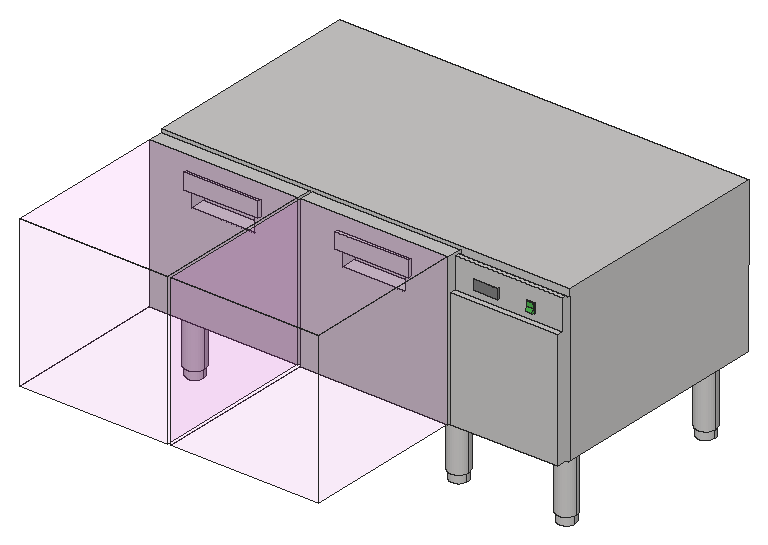
Revit family "QF_ELECTROLUXPROFESSIONAL_371374_E7TTEPCOMIN", category Specialty Equipment, Revit 2018
Family settings
  Round Connector Dimension = Use Diameter
  Part Type = Normal
  Work Plane-Based = No
  Always vertical = Yes
  Cut with Voids When Loaded = No
  Shared = No
  Room Calculation Point = No
Parameters (values of type "Standard")
  Weight = 95.00 kg
  Watts = 0 W
  Volts = 220 V
  URL Manufacturer = "http://professional.electrolux.com"
  URL = "http://professional.electrolux.com"
  Steam Supply Size = 0 mm
  Steam Supply Minimum Pressure = 0.0 Pa
  Steam Supply Maximum Pressure = 0.0 Pa
  Steam Pounds per Hour = 0
  Refrigeration Suction Line Size = 0 mm
  Refrigeration Liquid Line Size = 0 mm
  Refrigerant Compressor Remote = yes
  Manufacturer = "Electrolux Professional"
  Phase = 1
  Model = "E7TTEPCOMIN"
  Length Actual = 1200 mm  # constant formula
  Item Number = "371374"
  Hot Water Size = 0 mm
  Height Actual = 600 mm  # constant formula
  HP = "0.6 HP"
  Gas Size = 0 mm
  Gas KW = 0
  Gas Input Pressure = 0 W
  Direct Waste Size = 12.7 mm
  Description = "FREEZER BASE+2DRAWERS -15-20°C 1200MM-60HZ - R290"
  Depth Actual = 700 mm  # constant formula
  Cycle = 60 Hz
  Condensate Return Size = 0 mm
  Compressed Air Volume = 0.0 L/s
  Compressed Air Size = 0 mm
  Compressed Air Pressure = 0.0 Pa
  Cold Water Size = 0 mm
  Accessory = yes
Values of the unnamed type that differ from the named types
  Volts = 0 V
  URL Manufacturer = ""
  Item Number = ""
  Cycle = 0 Hz
Reference planes
  plane 1 "Center X": y = 0
  plane 2: z = 0
  plane 3 "Centro (Sinistra/Destra)": x = 0
  plane 4: z = 200
  plane 5 "TOP": z = 650
  plane 6 "BACK": y = 350
  plane 7 "FRONT": y = -350
  plane 8 "LEFT": x = -600
  plane 9 "RIGHT": x = 600
  plane 10: y = -303
  plane 11: y = -348
  plane 12: x = -545
  plane 13: x = 545
  plane 14: x = 229
  plane 15: y = 262
  plane 16: y = -249
  plane 17: x = 286
  plane 18: x = -599
  plane 19: x = 599
  plane 20: y = 190
  plane 21: x = 560
Forms (mm)
  Extrusion 1, solid, material "QF_Finishes_Stainless Steel"
    sketch origin (0, 0, 650) x (-1, 0, 0) y (0, -1, 0)
      loop
        line (599, -350) -> (599, 303) -> (-599, 303) -> (-599, -350) -> (599, -350)
    from -450 to 0
  Extrusion 2, solid, material "QF_Finishes_Stainless Steel"
    sketch origin (196, -342.999, 0) x (-1, 0, 0) y (0, 0, 1)
      loop
        line (795, 201.587) -> (795, 640.994) -> (360.999, 640.994) -> (360.999, 201.587) -> (795, 201.587)
      loop
        line (671.3, 506.706) -> (671.3, 585) -> (484.699, 585) -> (484.699, 506.706) -> (671.3, 506.706)
    from -5.001 to 39.999
  Extrusion 3, solid, material "QF_Door-Drawer Clearances"
    sketch origin (196, -348, 0) x (1, 0, 0) y (0, 0, 1)
      loop
        line (-795, 640.994) -> (-795, 201.587) -> (-360.999, 201.587) -> (-360.999, 640.994) -> (-795, 640.994)
    from 0 to 473.5
  Extrusion 4, solid, material "QF_Finishes_Stainless Steel"
    sketch origin (599, 66.551, 0) x (0, 1, 0) y (0, 0, 1)
      loop
        line (-369.551, 629.527) -> (-386.314, 640.994) -> (-397.65, 640.994) -> (-397.65, 549.796) -> (-414.551, 549.796) -> (-414.551, 204.796) -> (-384.714, 204.796) -> (-374.993, 200) -> (-369.551, 200) -> (-369.551, 629.527)
    from 0 to -313
  Extrusion 5, solid, material "QF_Finishes_Black"
    sketch origin (583, -331.099, 630.994) x (0, 0, -1) y (1, 0, 0)
      loop
        line (32.198, -86.899) -> (61.199, -86.899) -> (61.199, -64.9) -> (32.198, -64.9) -> (32.198, -86.899)
    from 0 to 1.6
  Extrusion 6, solid, material "QF_Finishes_Grey"
    sketch origin (589, -331.099, 630.994) x (0, 0, -1) y (1, 0, 0)
      loop
        line (32.198, -248.099) -> (61.199, -248.099) -> (61.199, -178.099) -> (32.198, -178.099) -> (32.198, -248.099)
    from 0 to 1.6
  Extrusion 7, solid, material "QF_Finishes_Green"
    sketch origin (518.1, -331.099, 598.796) x (0, 0, -1) y (0, 1, 0)
      loop
        line (2.279, -3.281) -> (14.5, -3.281) -> (25.308, -8.985)
        arc (25.308, -8.985) -> (26.537, -5.394) -> (26.605, -1.6) r 12.221
        line (26.605, -1.6) -> (2.395, -1.6)
        arc (2.395, -1.6) -> (2.308, -2.439) -> (2.279, -3.281) r 12.221
    from -20 to -2
  Extrusion 8, solid, material "QF_Door-Drawer Clearances"
    sketch origin (638.501, -342.999, 0) x (1, 0, 0) y (0, 0, 1)
      loop
        line (-795, 640.994) -> (-795, 201.587) -> (-360.999, 201.587) -> (-360.999, 640.994) -> (-795, 640.994)
    from 5.001 to 478.501
  Extrusion 9, solid, material "QF_Finishes_Stainless Steel"
    sketch origin (196, -348, 0) x (1, 0, 0) y (0, 0, 1)
      loop
        line (-686.3, 598.969) -> (-686.3, 553.969) -> (-469.699, 553.969) -> (-469.699, 598.969) -> (-686.3, 598.969)
    from 0 to 10
  Extrusion 10, solid, material "QF_Finishes_Stainless Steel"
    sketch origin (638.501, -342.999, 0) x (-1, 0, 0) y (0, 0, 1)
      loop
        line (795, 201.587) -> (795, 640.994) -> (360.999, 640.994) -> (360.999, 201.587) -> (795, 201.587)
      loop
        line (671.3, 506.706) -> (671.3, 585) -> (484.699, 585) -> (484.699, 506.706) -> (671.3, 506.706)
    from -5.001 to 39.999
  Extrusion 11, solid, material "QF_Finishes_Stainless Steel"
    sketch origin (638.501, -348, 0) x (1, 0, 0) y (0, 0, 1)
      loop
        line (-686.3, 598.969) -> (-686.3, 553.969) -> (-469.699, 553.969) -> (-469.699, 598.969) -> (-686.3, 598.969)
    from 0 to 10
  Extrusion 12, solid, material "QF_Finishes_Stainless Steel"
    sketch origin (0, 0, 0) x (1, 0, 0) y (0, 1, 0)
      loop
        circle (560, 190) r 6
    from 189.987 to 200
Lines and regions (mm)
  Split face 1
    outline origin (589, -332.699, 630.994) x (0, 0, -1) y (1, 0, 0)
      loop
        line (37.198, -238.099) -> (52.198, -238.099) -> (52.198, -188.099) -> (37.198, -188.099) -> (37.198, -238.099)
  Split face 2
    outline origin (589, -332.699, 630.994) x (0, 0, -1) y (1, 0, 0)
      loop
        circle (44.698, -185.099) r 1.2
  Split face 3
    outline origin (589, -332.699, 630.994) x (0, 0, -1) y (1, 0, 0)
      loop
        circle (39.698, -185.099) r 1.2
  Split face 4
    outline origin (589, -332.699, 630.994) x (0, 0, -1) y (1, 0, 0)
      loop
        circle (49.698, -185.099) r 1.2
  Split face 5
    outline origin (589, -332.699, 630.994) x (0, 0, -1) y (1, 0, 0)
      loop
        circle (39.698, -241.099) r 1.2
  Split face 6
    outline origin (589, -332.699, 630.994) x (0, 0, -1) y (1, 0, 0)
      loop
        circle (44.698, -241.099) r 1.2
  Split face 7
    outline origin (589, -332.699, 630.994) x (0, 0, -1) y (1, 0, 0)
      loop
        circle (49.698, -241.099) r 1.2
  Split face 8
    outline origin (589, -332.699, 630.994) x (0, 0, -1) y (1, 0, 0)
      loop
        line (59.151, -238.099) -> (59.151, -227.099) -> (54.151, -227.099) -> (54.151, -238.099) -> (59.151, -238.099)
  Split face 9
    outline origin (589, -332.699, 630.994) x (0, 0, -1) y (1, 0, 0)
      loop
        line (54.151, -225.099) -> (59.151, -225.099) -> (59.151, -214.099) -> (54.151, -214.099) -> (54.151, -225.099)
  Split face 10
    outline origin (602, -332.699, 630.994) x (0, 0, -1) y (1, 0, 0)
      loop
        line (54.151, -225.099) -> (59.151, -225.099) -> (59.151, -214.099) -> (54.151, -214.099) -> (54.151, -225.099)
  Split face 11
    outline origin (615, -332.699, 630.994) x (0, 0, -1) y (1, 0, 0)
      loop
        line (54.151, -225.099) -> (59.151, -225.099) -> (59.151, -214.099) -> (54.151, -214.099) -> (54.151, -225.099)
  Split face 12
    outline origin (601.5, -348, 412.291) x (0, 0, -1) y (1, 0, 0)
      loop
        arc (-85.025, -282.599) -> (-81.004, -278.61) -> (-85.004, -274.599) r 4
        line (-85.004, -274.599) -> (-117.004, -274.599)
        arc (-117.004, -274.599) -> (-121.004, -278.61) -> (-116.984, -282.599) r 4
        line (-116.984, -282.599) -> (-85.025, -282.599)
  Split face 13
    outline origin (613.5, -348, 412.291) x (0, 0, -1) y (1, 0, 0)
      loop
        arc (-85.025, -282.599) -> (-81.004, -278.61) -> (-85.004, -274.599) r 4
        line (-85.004, -274.599) -> (-117.004, -274.599)
        arc (-117.004, -274.599) -> (-121.004, -278.61) -> (-116.984, -282.599) r 4
        line (-116.984, -282.599) -> (-85.025, -282.599)
  Split face 14
    outline origin (625.5, -348, 412.291) x (0, 0, -1) y (1, 0, 0)
      loop
        arc (-85.025, -282.599) -> (-81.004, -278.61) -> (-85.004, -274.599) r 4
        line (-85.004, -274.599) -> (-117.004, -274.599)
        arc (-117.004, -274.599) -> (-121.004, -278.61) -> (-116.984, -282.599) r 4
        line (-116.984, -282.599) -> (-85.025, -282.599)
  Split face 15
    outline origin (637.397, -348, 412.291) x (0, 0, -1) y (1, 0, 0)
      loop
        arc (-85.025, -282.599) -> (-81.004, -278.61) -> (-85.004, -274.599) r 4
        line (-85.004, -274.599) -> (-117.004, -274.599)
        arc (-117.004, -274.599) -> (-121.004, -278.61) -> (-116.984, -282.599) r 4
        line (-116.984, -282.599) -> (-85.025, -282.599)
  Split face 16
    outline origin (649.396, -348, 412.291) x (0, 0, -1) y (1, 0, 0)
      loop
        arc (-85.025, -282.599) -> (-81.004, -278.61) -> (-85.004, -274.599) r 4
        line (-85.004, -274.599) -> (-117.004, -274.599)
        arc (-117.004, -274.599) -> (-121.004, -278.61) -> (-116.984, -282.599) r 4
        line (-116.984, -282.599) -> (-85.025, -282.599)
  Split face 17
    outline origin (661.396, -348, 412.291) x (0, 0, -1) y (1, 0, 0)
      loop
        arc (-85.025, -282.599) -> (-81.004, -278.61) -> (-85.004, -274.599) r 4
        line (-85.004, -274.599) -> (-117.004, -274.599)
        arc (-117.004, -274.599) -> (-121.004, -278.61) -> (-116.984, -282.599) r 4
        line (-116.984, -282.599) -> (-85.025, -282.599)
  Split face 18
    outline origin (673.396, -348, 412.291) x (0, 0, -1) y (1, 0, 0)
      loop
        arc (-85.025, -282.599) -> (-81.004, -278.61) -> (-85.004, -274.599) r 4
        line (-85.004, -274.599) -> (-117.004, -274.599)
        arc (-117.004, -274.599) -> (-121.004, -278.61) -> (-116.984, -282.599) r 4
        line (-116.984, -282.599) -> (-85.025, -282.599)
  Split face 19
    outline origin (685.397, -348, 412.291) x (0, 0, -1) y (1, 0, 0)
      loop
        arc (-85.025, -282.599) -> (-81.004, -278.61) -> (-85.004, -274.599) r 4
        line (-85.004, -274.599) -> (-117.004, -274.599)
        arc (-117.004, -274.599) -> (-121.004, -278.61) -> (-116.984, -282.599) r 4
        line (-116.984, -282.599) -> (-85.025, -282.599)
  Split face 20
    outline origin (697.396, -348, 412.291) x (0, 0, -1) y (1, 0, 0)
      loop
        arc (-85.025, -282.599) -> (-81.004, -278.61) -> (-85.004, -274.599) r 4
        line (-85.004, -274.599) -> (-117.004, -274.599)
        arc (-117.004, -274.599) -> (-121.004, -278.61) -> (-116.984, -282.599) r 4
        line (-116.984, -282.599) -> (-85.025, -282.599)
  Split face 21
    outline origin (704.396, -348, 412.291) x (0, 0, -1) y (1, 0, 0)
      loop
        arc (-85.025, -242.399) -> (-81.004, -238.41) -> (-85.004, -234.4) r 4
        line (-85.004, -234.4) -> (-117.004, -234.4)
        arc (-117.004, -234.4) -> (-121.004, -238.41) -> (-116.984, -242.399) r 4
        line (-116.984, -242.399) -> (-85.025, -242.399)
  Split face 22
    outline origin (716.396, -348, 412.291) x (0, 0, -1) y (1, 0, 0)
      loop
        arc (-85.025, -242.399) -> (-81.004, -238.41) -> (-85.004, -234.4) r 4
        line (-85.004, -234.4) -> (-117.004, -234.4)
        arc (-117.004, -234.4) -> (-121.004, -238.41) -> (-116.984, -242.399) r 4
        line (-116.984, -242.399) -> (-85.025, -242.399)
  Split face 23
    outline origin (728.396, -348, 412.291) x (0, 0, -1) y (1, 0, 0)
      loop
        arc (-85.025, -242.399) -> (-81.004, -238.41) -> (-85.004, -234.4) r 4
        line (-85.004, -234.4) -> (-117.004, -234.4)
        arc (-117.004, -234.4) -> (-121.004, -238.41) -> (-116.984, -242.399) r 4
        line (-116.984, -242.399) -> (-85.025, -242.399)
  Split face 24
    outline origin (740.396, -348, 412.291) x (0, 0, -1) y (1, 0, 0)
      loop
        arc (-85.025, -242.399) -> (-81.004, -238.41) -> (-85.004, -234.4) r 4
        line (-85.004, -234.4) -> (-117.004, -234.4)
        arc (-117.004, -234.4) -> (-121.004, -238.41) -> (-116.984, -242.399) r 4
        line (-116.984, -242.399) -> (-85.025, -242.399)
  Split face 25
    outline origin (752.396, -348, 412.291) x (0, 0, -1) y (1, 0, 0)
      loop
        arc (-85.025, -242.399) -> (-81.004, -238.41) -> (-85.004, -234.4) r 4
        line (-85.004, -234.4) -> (-117.004, -234.4)
        arc (-117.004, -234.4) -> (-121.004, -238.41) -> (-116.984, -242.399) r 4
        line (-116.984, -242.399) -> (-85.025, -242.399)
  Split face 26
    outline origin (764.396, -348, 412.291) x (0, 0, -1) y (1, 0, 0)
      loop
        arc (-85.025, -242.399) -> (-81.004, -238.41) -> (-85.004, -234.4) r 4
        line (-85.004, -234.4) -> (-117.004, -234.4)
        arc (-117.004, -234.4) -> (-121.004, -238.41) -> (-116.984, -242.399) r 4
        line (-116.984, -242.399) -> (-85.025, -242.399)
  Split face 27
    outline origin (776.396, -348, 412.291) x (0, 0, -1) y (1, 0, 0)
      loop
        arc (-85.025, -242.399) -> (-81.004, -238.41) -> (-85.004, -234.4) r 4
        line (-85.004, -234.4) -> (-117.004, -234.4)
        arc (-117.004, -234.4) -> (-121.004, -238.41) -> (-116.984, -242.399) r 4
        line (-116.984, -242.399) -> (-85.025, -242.399)
  Split face 28
    outline origin (788.396, -348, 412.291) x (0, 0, -1) y (1, 0, 0)
      loop
        arc (-85.025, -242.399) -> (-81.004, -238.41) -> (-85.004, -234.4) r 4
        line (-85.004, -234.4) -> (-117.004, -234.4)
        arc (-117.004, -234.4) -> (-121.004, -238.41) -> (-116.984, -242.399) r 4
        line (-116.984, -242.399) -> (-85.025, -242.399)
  Split face 29
    outline origin (800.396, -348, 412.291) x (0, 0, -1) y (1, 0, 0)
      loop
        arc (-85.025, -242.399) -> (-81.004, -238.41) -> (-85.004, -234.4) r 4
        line (-85.004, -234.4) -> (-117.004, -234.4)
        arc (-117.004, -234.4) -> (-121.004, -238.41) -> (-116.984, -242.399) r 4
        line (-116.984, -242.399) -> (-85.025, -242.399)
  Split face 30
    outline origin (812.396, -348, 412.291) x (0, 0, -1) y (1, 0, 0)
      loop
        arc (-85.025, -242.399) -> (-81.004, -238.41) -> (-85.004, -234.4) r 4
        line (-85.004, -234.4) -> (-117.004, -234.4)
        arc (-117.004, -234.4) -> (-121.004, -238.41) -> (-116.984, -242.399) r 4
        line (-116.984, -242.399) -> (-85.025, -242.399)
  Split face 31
    outline origin (589.5, -348, 412.291) x (0, 0, -1) y (1, 0, 0)
      loop
        arc (-85.025, -282.599) -> (-81.004, -278.61) -> (-85.004, -274.599) r 4
        line (-85.004, -274.599) -> (-117.004, -274.599)
        arc (-117.004, -274.599) -> (-121.004, -278.61) -> (-116.984, -282.599) r 4
        line (-116.984, -282.599) -> (-85.025, -282.599)
  Split face 32
    outline origin (601.5, -348, 367.29) x (0, 0, -1) y (1, 0, 0)
      loop
        arc (-85.025, -282.599) -> (-81.004, -278.61) -> (-85.004, -274.599) r 4
        line (-85.004, -274.599) -> (-117.004, -274.599)
        arc (-117.004, -274.599) -> (-121.004, -278.61) -> (-116.984, -282.599) r 4
        line (-116.984, -282.599) -> (-85.025, -282.599)
  Split face 33
    outline origin (613.5, -348, 367.29) x (0, 0, -1) y (1, 0, 0)
      loop
        arc (-85.025, -282.599) -> (-81.004, -278.61) -> (-85.004, -274.599) r 4
        line (-85.004, -274.599) -> (-117.004, -274.599)
        arc (-117.004, -274.599) -> (-121.004, -278.61) -> (-116.984, -282.599) r 4
        line (-116.984, -282.599) -> (-85.025, -282.599)
  Split face 34
    outline origin (625.5, -348, 367.29) x (0, 0, -1) y (1, 0, 0)
      loop
        arc (-85.025, -282.599) -> (-81.004, -278.61) -> (-85.004, -274.599) r 4
        line (-85.004, -274.599) -> (-117.004, -274.599)
        arc (-117.004, -274.599) -> (-121.004, -278.61) -> (-116.984, -282.599) r 4
        line (-116.984, -282.599) -> (-85.025, -282.599)
  Split face 35
    outline origin (637.397, -348, 367.29) x (0, 0, -1) y (1, 0, 0)
      loop
        arc (-85.025, -282.599) -> (-81.004, -278.61) -> (-85.004, -274.599) r 4
        line (-85.004, -274.599) -> (-117.004, -274.599)
        arc (-117.004, -274.599) -> (-121.004, -278.61) -> (-116.984, -282.599) r 4
        line (-116.984, -282.599) -> (-85.025, -282.599)
  Split face 36
    outline origin (649.396, -348, 367.29) x (0, 0, -1) y (1, 0, 0)
      loop
        arc (-85.025, -282.599) -> (-81.004, -278.61) -> (-85.004, -274.599) r 4
        line (-85.004, -274.599) -> (-117.004, -274.599)
        arc (-117.004, -274.599) -> (-121.004, -278.61) -> (-116.984, -282.599) r 4
        line (-116.984, -282.599) -> (-85.025, -282.599)
  Split face 37
    outline origin (661.396, -348, 367.29) x (0, 0, -1) y (1, 0, 0)
      loop
        arc (-85.025, -282.599) -> (-81.004, -278.61) -> (-85.004, -274.599) r 4
        line (-85.004, -274.599) -> (-117.004, -274.599)
        arc (-117.004, -274.599) -> (-121.004, -278.61) -> (-116.984, -282.599) r 4
        line (-116.984, -282.599) -> (-85.025, -282.599)
  Split face 38
    outline origin (673.396, -348, 367.29) x (0, 0, -1) y (1, 0, 0)
      loop
        arc (-85.025, -282.599) -> (-81.004, -278.61) -> (-85.004, -274.599) r 4
        line (-85.004, -274.599) -> (-117.004, -274.599)
        arc (-117.004, -274.599) -> (-121.004, -278.61) -> (-116.984, -282.599) r 4
        line (-116.984, -282.599) -> (-85.025, -282.599)
  Split face 39
    outline origin (685.397, -348, 367.29) x (0, 0, -1) y (1, 0, 0)
      loop
        arc (-85.025, -282.599) -> (-81.004, -278.61) -> (-85.004, -274.599) r 4
        line (-85.004, -274.599) -> (-117.004, -274.599)
        arc (-117.004, -274.599) -> (-121.004, -278.61) -> (-116.984, -282.599) r 4
        line (-116.984, -282.599) -> (-85.025, -282.599)
  Split face 40
    outline origin (697.396, -348, 367.29) x (0, 0, -1) y (1, 0, 0)
      loop
        arc (-85.025, -282.599) -> (-81.004, -278.61) -> (-85.004, -274.599) r 4
        line (-85.004, -274.599) -> (-117.004, -274.599)
        arc (-117.004, -274.599) -> (-121.004, -278.61) -> (-116.984, -282.599) r 4
        line (-116.984, -282.599) -> (-85.025, -282.599)
  Split face 41
    outline origin (704.396, -348, 367.29) x (0, 0, -1) y (1, 0, 0)
      loop
        arc (-85.025, -242.399) -> (-81.004, -238.41) -> (-85.004, -234.4) r 4
        line (-85.004, -234.4) -> (-117.004, -234.4)
        arc (-117.004, -234.4) -> (-121.004, -238.41) -> (-116.984, -242.399) r 4
        line (-116.984, -242.399) -> (-85.025, -242.399)
  Split face 42
    outline origin (716.396, -348, 367.29) x (0, 0, -1) y (1, 0, 0)
      loop
        arc (-85.025, -242.399) -> (-81.004, -238.41) -> (-85.004, -234.4) r 4
        line (-85.004, -234.4) -> (-117.004, -234.4)
        arc (-117.004, -234.4) -> (-121.004, -238.41) -> (-116.984, -242.399) r 4
        line (-116.984, -242.399) -> (-85.025, -242.399)
  Split face 43
    outline origin (728.396, -348, 367.29) x (0, 0, -1) y (1, 0, 0)
      loop
        arc (-85.025, -242.399) -> (-81.004, -238.41) -> (-85.004, -234.4) r 4
        line (-85.004, -234.4) -> (-117.004, -234.4)
        arc (-117.004, -234.4) -> (-121.004, -238.41) -> (-116.984, -242.399) r 4
        line (-116.984, -242.399) -> (-85.025, -242.399)
  Split face 44
    outline origin (740.396, -348, 367.29) x (0, 0, -1) y (1, 0, 0)
      loop
        arc (-85.025, -242.399) -> (-81.004, -238.41) -> (-85.004, -234.4) r 4
        line (-85.004, -234.4) -> (-117.004, -234.4)
        arc (-117.004, -234.4) -> (-121.004, -238.41) -> (-116.984, -242.399) r 4
        line (-116.984, -242.399) -> (-85.025, -242.399)
  Split face 45
    outline origin (752.396, -348, 367.29) x (0, 0, -1) y (1, 0, 0)
      loop
        arc (-85.025, -242.399) -> (-81.004, -238.41) -> (-85.004, -234.4) r 4
        line (-85.004, -234.4) -> (-117.004, -234.4)
        arc (-117.004, -234.4) -> (-121.004, -238.41) -> (-116.984, -242.399) r 4
        line (-116.984, -242.399) -> (-85.025, -242.399)
  Split face 46
    outline origin (764.396, -348, 367.29) x (0, 0, -1) y (1, 0, 0)
      loop
        arc (-85.025, -242.399) -> (-81.004, -238.41) -> (-85.004, -234.4) r 4
        line (-85.004, -234.4) -> (-117.004, -234.4)
        arc (-117.004, -234.4) -> (-121.004, -238.41) -> (-116.984, -242.399) r 4
        line (-116.984, -242.399) -> (-85.025, -242.399)
  Split face 47
    outline origin (776.396, -348, 367.29) x (0, 0, -1) y (1, 0, 0)
      loop
        arc (-85.025, -242.399) -> (-81.004, -238.41) -> (-85.004, -234.4) r 4
        line (-85.004, -234.4) -> (-117.004, -234.4)
        arc (-117.004, -234.4) -> (-121.004, -238.41) -> (-116.984, -242.399) r 4
        line (-116.984, -242.399) -> (-85.025, -242.399)
  Split face 48
    outline origin (788.396, -348, 367.29) x (0, 0, -1) y (1, 0, 0)
      loop
        arc (-85.025, -242.399) -> (-81.004, -238.41) -> (-85.004, -234.4) r 4
        line (-85.004, -234.4) -> (-117.004, -234.4)
        arc (-117.004, -234.4) -> (-121.004, -238.41) -> (-116.984, -242.399) r 4
        line (-116.984, -242.399) -> (-85.025, -242.399)
  Split face 49
    outline origin (800.396, -348, 367.29) x (0, 0, -1) y (1, 0, 0)
      loop
        arc (-85.025, -242.399) -> (-81.004, -238.41) -> (-85.004, -234.4) r 4
        line (-85.004, -234.4) -> (-117.004, -234.4)
        arc (-117.004, -234.4) -> (-121.004, -238.41) -> (-116.984, -242.399) r 4
        line (-116.984, -242.399) -> (-85.025, -242.399)
  Split face 50
    outline origin (812.396, -348, 367.29) x (0, 0, -1) y (1, 0, 0)
      loop
        arc (-85.025, -242.399) -> (-81.004, -238.41) -> (-85.004, -234.4) r 4
        line (-85.004, -234.4) -> (-117.004, -234.4)
        arc (-117.004, -234.4) -> (-121.004, -238.41) -> (-116.984, -242.399) r 4
        line (-116.984, -242.399) -> (-85.025, -242.399)
  Split face 51
    outline origin (589.5, -348, 367.29) x (0, 0, -1) y (1, 0, 0)
      loop
        arc (-85.025, -282.599) -> (-81.004, -278.61) -> (-85.004, -274.599) r 4
        line (-85.004, -274.599) -> (-117.004, -274.599)
        arc (-117.004, -274.599) -> (-121.004, -278.61) -> (-116.984, -282.599) r 4
        line (-116.984, -282.599) -> (-85.025, -282.599)
  Split face 52
    outline origin (601.5, -348, 322.29) x (0, 0, -1) y (1, 0, 0)
      loop
        arc (-85.025, -282.599) -> (-81.004, -278.61) -> (-85.004, -274.599) r 4
        line (-85.004, -274.599) -> (-117.004, -274.599)
        arc (-117.004, -274.599) -> (-121.004, -278.61) -> (-116.984, -282.599) r 4
        line (-116.984, -282.599) -> (-85.025, -282.599)
  Split face 53
    outline origin (613.5, -348, 322.29) x (0, 0, -1) y (1, 0, 0)
      loop
        arc (-85.025, -282.599) -> (-81.004, -278.61) -> (-85.004, -274.599) r 4
        line (-85.004, -274.599) -> (-117.004, -274.599)
        arc (-117.004, -274.599) -> (-121.004, -278.61) -> (-116.984, -282.599) r 4
        line (-116.984, -282.599) -> (-85.025, -282.599)
  Split face 54
    outline origin (625.5, -348, 322.29) x (0, 0, -1) y (1, 0, 0)
      loop
        arc (-85.025, -282.599) -> (-81.004, -278.61) -> (-85.004, -274.599) r 4
        line (-85.004, -274.599) -> (-117.004, -274.599)
        arc (-117.004, -274.599) -> (-121.004, -278.61) -> (-116.984, -282.599) r 4
        line (-116.984, -282.599) -> (-85.025, -282.599)
  Split face 55
    outline origin (637.397, -348, 322.29) x (0, 0, -1) y (1, 0, 0)
      loop
        arc (-85.025, -282.599) -> (-81.004, -278.61) -> (-85.004, -274.599) r 4
        line (-85.004, -274.599) -> (-117.004, -274.599)
        arc (-117.004, -274.599) -> (-121.004, -278.61) -> (-116.984, -282.599) r 4
        line (-116.984, -282.599) -> (-85.025, -282.599)
  Split face 56
    outline origin (649.396, -348, 322.29) x (0, 0, -1) y (1, 0, 0)
      loop
        arc (-85.025, -282.599) -> (-81.004, -278.61) -> (-85.004, -274.599) r 4
        line (-85.004, -274.599) -> (-117.004, -274.599)
        arc (-117.004, -274.599) -> (-121.004, -278.61) -> (-116.984, -282.599) r 4
        line (-116.984, -282.599) -> (-85.025, -282.599)
  Split face 57
    outline origin (661.396, -348, 322.29) x (0, 0, -1) y (1, 0, 0)
      loop
        arc (-85.025, -282.599) -> (-81.004, -278.61) -> (-85.004, -274.599) r 4
        line (-85.004, -274.599) -> (-117.004, -274.599)
        arc (-117.004, -274.599) -> (-121.004, -278.61) -> (-116.984, -282.599) r 4
        line (-116.984, -282.599) -> (-85.025, -282.599)
  Split face 58
    outline origin (673.396, -348, 322.29) x (0, 0, -1) y (1, 0, 0)
      loop
        arc (-85.025, -282.599) -> (-81.004, -278.61) -> (-85.004, -274.599) r 4
        line (-85.004, -274.599) -> (-117.004, -274.599)
        arc (-117.004, -274.599) -> (-121.004, -278.61) -> (-116.984, -282.599) r 4
        line (-116.984, -282.599) -> (-85.025, -282.599)
  Split face 59
    outline origin (685.397, -348, 322.29) x (0, 0, -1) y (1, 0, 0)
      loop
        arc (-85.025, -282.599) -> (-81.004, -278.61) -> (-85.004, -274.599) r 4
        line (-85.004, -274.599) -> (-117.004, -274.599)
        arc (-117.004, -274.599) -> (-121.004, -278.61) -> (-116.984, -282.599) r 4
        line (-116.984, -282.599) -> (-85.025, -282.599)
  Split face 60
    outline origin (697.396, -348, 322.29) x (0, 0, -1) y (1, 0, 0)
      loop
        arc (-85.025, -282.599) -> (-81.004, -278.61) -> (-85.004, -274.599) r 4
        line (-85.004, -274.599) -> (-117.004, -274.599)
        arc (-117.004, -274.599) -> (-121.004, -278.61) -> (-116.984, -282.599) r 4
        line (-116.984, -282.599) -> (-85.025, -282.599)
  Split face 61
    outline origin (704.396, -348, 322.29) x (0, 0, -1) y (1, 0, 0)
      loop
        arc (-85.025, -242.399) -> (-81.004, -238.41) -> (-85.004, -234.4) r 4
        line (-85.004, -234.4) -> (-117.004, -234.4)
        arc (-117.004, -234.4) -> (-121.004, -238.41) -> (-116.984, -242.399) r 4
        line (-116.984, -242.399) -> (-85.025, -242.399)
  Split face 62
    outline origin (716.396, -348, 322.29) x (0, 0, -1) y (1, 0, 0)
      loop
        arc (-85.025, -242.399) -> (-81.004, -238.41) -> (-85.004, -234.4) r 4
        line (-85.004, -234.4) -> (-117.004, -234.4)
        arc (-117.004, -234.4) -> (-121.004, -238.41) -> (-116.984, -242.399) r 4
        line (-116.984, -242.399) -> (-85.025, -242.399)
  Split face 63
    outline origin (728.396, -348, 322.29) x (0, 0, -1) y (1, 0, 0)
      loop
        arc (-85.025, -242.399) -> (-81.004, -238.41) -> (-85.004, -234.4) r 4
        line (-85.004, -234.4) -> (-117.004, -234.4)
        arc (-117.004, -234.4) -> (-121.004, -238.41) -> (-116.984, -242.399) r 4
        line (-116.984, -242.399) -> (-85.025, -242.399)
  Split face 64
    outline origin (740.396, -348, 322.29) x (0, 0, -1) y (1, 0, 0)
      loop
        arc (-85.025, -242.399) -> (-81.004, -238.41) -> (-85.004, -234.4) r 4
        line (-85.004, -234.4) -> (-117.004, -234.4)
        arc (-117.004, -234.4) -> (-121.004, -238.41) -> (-116.984, -242.399) r 4
        line (-116.984, -242.399) -> (-85.025, -242.399)
  Split face 65
    outline origin (752.396, -348, 322.29) x (0, 0, -1) y (1, 0, 0)
      loop
        arc (-85.025, -242.399) -> (-81.004, -238.41) -> (-85.004, -234.4) r 4
        line (-85.004, -234.4) -> (-117.004, -234.4)
        arc (-117.004, -234.4) -> (-121.004, -238.41) -> (-116.984, -242.399) r 4
        line (-116.984, -242.399) -> (-85.025, -242.399)
  Split face 66
    outline origin (764.396, -348, 322.29) x (0, 0, -1) y (1, 0, 0)
      loop
        arc (-85.025, -242.399) -> (-81.004, -238.41) -> (-85.004, -234.4) r 4
        line (-85.004, -234.4) -> (-117.004, -234.4)
        arc (-117.004, -234.4) -> (-121.004, -238.41) -> (-116.984, -242.399) r 4
        line (-116.984, -242.399) -> (-85.025, -242.399)
  Split face 67
    outline origin (776.396, -348, 322.29) x (0, 0, -1) y (1, 0, 0)
      loop
        arc (-85.025, -242.399) -> (-81.004, -238.41) -> (-85.004, -234.4) r 4
        line (-85.004, -234.4) -> (-117.004, -234.4)
        arc (-117.004, -234.4) -> (-121.004, -238.41) -> (-116.984, -242.399) r 4
        line (-116.984, -242.399) -> (-85.025, -242.399)
  Split face 68
    outline origin (788.396, -348, 322.29) x (0, 0, -1) y (1, 0, 0)
      loop
        arc (-85.025, -242.399) -> (-81.004, -238.41) -> (-85.004, -234.4) r 4
        line (-85.004, -234.4) -> (-117.004, -234.4)
        arc (-117.004, -234.4) -> (-121.004, -238.41) -> (-116.984, -242.399) r 4
        line (-116.984, -242.399) -> (-85.025, -242.399)
  Split face 69
    outline origin (800.396, -348, 322.29) x (0, 0, -1) y (1, 0, 0)
      loop
        arc (-85.025, -242.399) -> (-81.004, -238.41) -> (-85.004, -234.4) r 4
        line (-85.004, -234.4) -> (-117.004, -234.4)
        arc (-117.004, -234.4) -> (-121.004, -238.41) -> (-116.984, -242.399) r 4
        line (-116.984, -242.399) -> (-85.025, -242.399)
  Split face 70
    outline origin (812.396, -348, 322.29) x (0, 0, -1) y (1, 0, 0)
      loop
        arc (-85.025, -242.399) -> (-81.004, -238.41) -> (-85.004, -234.4) r 4
        line (-85.004, -234.4) -> (-117.004, -234.4)
        arc (-117.004, -234.4) -> (-121.004, -238.41) -> (-116.984, -242.399) r 4
        line (-116.984, -242.399) -> (-85.025, -242.399)
  Split face 71
    outline origin (589.5, -348, 322.29) x (0, 0, -1) y (1, 0, 0)
      loop
        arc (-85.025, -282.599) -> (-81.004, -278.61) -> (-85.004, -274.599) r 4
        line (-85.004, -274.599) -> (-117.004, -274.599)
        arc (-117.004, -274.599) -> (-121.004, -278.61) -> (-116.984, -282.599) r 4
        line (-116.984, -282.599) -> (-85.025, -282.599)
  Split face 72
    outline origin (601.5, -348, 277.29) x (0, 0, -1) y (1, 0, 0)
      loop
        arc (-85.025, -282.599) -> (-81.004, -278.61) -> (-85.004, -274.599) r 4
        line (-85.004, -274.599) -> (-117.004, -274.599)
        arc (-117.004, -274.599) -> (-121.004, -278.61) -> (-116.984, -282.599) r 4
        line (-116.984, -282.599) -> (-85.025, -282.599)
  Split face 73
    outline origin (613.5, -348, 277.29) x (0, 0, -1) y (1, 0, 0)
      loop
        arc (-85.025, -282.599) -> (-81.004, -278.61) -> (-85.004, -274.599) r 4
        line (-85.004, -274.599) -> (-117.004, -274.599)
        arc (-117.004, -274.599) -> (-121.004, -278.61) -> (-116.984, -282.599) r 4
        line (-116.984, -282.599) -> (-85.025, -282.599)
  Split face 74
    outline origin (625.5, -348, 277.29) x (0, 0, -1) y (1, 0, 0)
      loop
        arc (-85.025, -282.599) -> (-81.004, -278.61) -> (-85.004, -274.599) r 4
        line (-85.004, -274.599) -> (-117.004, -274.599)
        arc (-117.004, -274.599) -> (-121.004, -278.61) -> (-116.984, -282.599) r 4
        line (-116.984, -282.599) -> (-85.025, -282.599)
  Split face 75
    outline origin (637.397, -348, 277.29) x (0, 0, -1) y (1, 0, 0)
      loop
        arc (-85.025, -282.599) -> (-81.004, -278.61) -> (-85.004, -274.599) r 4
        line (-85.004, -274.599) -> (-117.004, -274.599)
        arc (-117.004, -274.599) -> (-121.004, -278.61) -> (-116.984, -282.599) r 4
        line (-116.984, -282.599) -> (-85.025, -282.599)
  Split face 76
    outline origin (649.396, -348, 277.29) x (0, 0, -1) y (1, 0, 0)
      loop
        arc (-85.025, -282.599) -> (-81.004, -278.61) -> (-85.004, -274.599) r 4
        line (-85.004, -274.599) -> (-117.004, -274.599)
        arc (-117.004, -274.599) -> (-121.004, -278.61) -> (-116.984, -282.599) r 4
        line (-116.984, -282.599) -> (-85.025, -282.599)
  Split face 77
    outline origin (661.396, -348, 277.29) x (0, 0, -1) y (1, 0, 0)
      loop
        arc (-85.025, -282.599) -> (-81.004, -278.61) -> (-85.004, -274.599) r 4
        line (-85.004, -274.599) -> (-117.004, -274.599)
        arc (-117.004, -274.599) -> (-121.004, -278.61) -> (-116.984, -282.599) r 4
        line (-116.984, -282.599) -> (-85.025, -282.599)
  Split face 78
    outline origin (673.396, -348, 277.29) x (0, 0, -1) y (1, 0, 0)
      loop
        arc (-85.025, -282.599) -> (-81.004, -278.61) -> (-85.004, -274.599) r 4
        line (-85.004, -274.599) -> (-117.004, -274.599)
        arc (-117.004, -274.599) -> (-121.004, -278.61) -> (-116.984, -282.599) r 4
        line (-116.984, -282.599) -> (-85.025, -282.599)
  Split face 79
    outline origin (685.397, -348, 277.29) x (0, 0, -1) y (1, 0, 0)
      loop
        arc (-85.025, -282.599) -> (-81.004, -278.61) -> (-85.004, -274.599) r 4
        line (-85.004, -274.599) -> (-117.004, -274.599)
        arc (-117.004, -274.599) -> (-121.004, -278.61) -> (-116.984, -282.599) r 4
        line (-116.984, -282.599) -> (-85.025, -282.599)
  Split face 80
    outline origin (697.396, -348, 277.29) x (0, 0, -1) y (1, 0, 0)
      loop
        arc (-85.025, -282.599) -> (-81.004, -278.61) -> (-85.004, -274.599) r 4
        line (-85.004, -274.599) -> (-117.004, -274.599)
        arc (-117.004, -274.599) -> (-121.004, -278.61) -> (-116.984, -282.599) r 4
        line (-116.984, -282.599) -> (-85.025, -282.599)
  Split face 81
    outline origin (704.396, -348, 277.29) x (0, 0, -1) y (1, 0, 0)
      loop
        arc (-85.025, -242.399) -> (-81.004, -238.41) -> (-85.004, -234.4) r 4
        line (-85.004, -234.4) -> (-117.004, -234.4)
        arc (-117.004, -234.4) -> (-121.004, -238.41) -> (-116.984, -242.399) r 4
        line (-116.984, -242.399) -> (-85.025, -242.399)
  Split face 82
    outline origin (716.396, -348, 277.29) x (0, 0, -1) y (1, 0, 0)
      loop
        arc (-85.025, -242.399) -> (-81.004, -238.41) -> (-85.004, -234.4) r 4
        line (-85.004, -234.4) -> (-117.004, -234.4)
        arc (-117.004, -234.4) -> (-121.004, -238.41) -> (-116.984, -242.399) r 4
        line (-116.984, -242.399) -> (-85.025, -242.399)
  Split face 83
    outline origin (728.396, -348, 277.29) x (0, 0, -1) y (1, 0, 0)
      loop
        arc (-85.025, -242.399) -> (-81.004, -238.41) -> (-85.004, -234.4) r 4
        line (-85.004, -234.4) -> (-117.004, -234.4)
        arc (-117.004, -234.4) -> (-121.004, -238.41) -> (-116.984, -242.399) r 4
        line (-116.984, -242.399) -> (-85.025, -242.399)
  Split face 84
    outline origin (740.396, -348, 277.29) x (0, 0, -1) y (1, 0, 0)
      loop
        arc (-85.025, -242.399) -> (-81.004, -238.41) -> (-85.004, -234.4) r 4
        line (-85.004, -234.4) -> (-117.004, -234.4)
        arc (-117.004, -234.4) -> (-121.004, -238.41) -> (-116.984, -242.399) r 4
        line (-116.984, -242.399) -> (-85.025, -242.399)
  Split face 85
    outline origin (752.396, -348, 277.29) x (0, 0, -1) y (1, 0, 0)
      loop
        arc (-85.025, -242.399) -> (-81.004, -238.41) -> (-85.004, -234.4) r 4
        line (-85.004, -234.4) -> (-117.004, -234.4)
        arc (-117.004, -234.4) -> (-121.004, -238.41) -> (-116.984, -242.399) r 4
        line (-116.984, -242.399) -> (-85.025, -242.399)
  Split face 86
    outline origin (764.396, -348, 277.29) x (0, 0, -1) y (1, 0, 0)
      loop
        arc (-85.025, -242.399) -> (-81.004, -238.41) -> (-85.004, -234.4) r 4
        line (-85.004, -234.4) -> (-117.004, -234.4)
        arc (-117.004, -234.4) -> (-121.004, -238.41) -> (-116.984, -242.399) r 4
        line (-116.984, -242.399) -> (-85.025, -242.399)
  Split face 87
    outline origin (776.396, -348, 277.29) x (0, 0, -1) y (1, 0, 0)
      loop
        arc (-85.025, -242.399) -> (-81.004, -238.41) -> (-85.004, -234.4) r 4
        line (-85.004, -234.4) -> (-117.004, -234.4)
        arc (-117.004, -234.4) -> (-121.004, -238.41) -> (-116.984, -242.399) r 4
        line (-116.984, -242.399) -> (-85.025, -242.399)
  Split face 88
    outline origin (788.396, -348, 277.29) x (0, 0, -1) y (1, 0, 0)
      loop
        arc (-85.025, -242.399) -> (-81.004, -238.41) -> (-85.004, -234.4) r 4
        line (-85.004, -234.4) -> (-117.004, -234.4)
        arc (-117.004, -234.4) -> (-121.004, -238.41) -> (-116.984, -242.399) r 4
        line (-116.984, -242.399) -> (-85.025, -242.399)
  Split face 89
    outline origin (800.396, -348, 277.29) x (0, 0, -1) y (1, 0, 0)
      loop
        arc (-85.025, -242.399) -> (-81.004, -238.41) -> (-85.004, -234.4) r 4
        line (-85.004, -234.4) -> (-117.004, -234.4)
        arc (-117.004, -234.4) -> (-121.004, -238.41) -> (-116.984, -242.399) r 4
        line (-116.984, -242.399) -> (-85.025, -242.399)
  Split face 90
    outline origin (812.396, -348, 277.29) x (0, 0, -1) y (1, 0, 0)
      loop
        arc (-85.025, -242.399) -> (-81.004, -238.41) -> (-85.004, -234.4) r 4
        line (-85.004, -234.4) -> (-117.004, -234.4)
        arc (-117.004, -234.4) -> (-121.004, -238.41) -> (-116.984, -242.399) r 4
        line (-116.984, -242.399) -> (-85.025, -242.399)
  Split face 91
    outline origin (589.5, -348, 277.29) x (0, 0, -1) y (1, 0, 0)
      loop
        arc (-85.025, -282.599) -> (-81.004, -278.61) -> (-85.004, -274.599) r 4
        line (-85.004, -274.599) -> (-117.004, -274.599)
        arc (-117.004, -274.599) -> (-121.004, -278.61) -> (-116.984, -282.599) r 4
        line (-116.984, -282.599) -> (-85.025, -282.599)
  Split face 92
    outline origin (601.5, -348, 232.29) x (0, 0, -1) y (1, 0, 0)
      loop
        arc (-85.025, -282.599) -> (-81.004, -278.61) -> (-85.004, -274.599) r 4
        line (-85.004, -274.599) -> (-117.004, -274.599)
        arc (-117.004, -274.599) -> (-121.004, -278.61) -> (-116.984, -282.599) r 4
        line (-116.984, -282.599) -> (-85.025, -282.599)
  Split face 93
    outline origin (613.5, -348, 232.29) x (0, 0, -1) y (1, 0, 0)
      loop
        arc (-85.025, -282.599) -> (-81.004, -278.61) -> (-85.004, -274.599) r 4
        line (-85.004, -274.599) -> (-117.004, -274.599)
        arc (-117.004, -274.599) -> (-121.004, -278.61) -> (-116.984, -282.599) r 4
        line (-116.984, -282.599) -> (-85.025, -282.599)
  Split face 94
    outline origin (625.5, -348, 232.29) x (0, 0, -1) y (1, 0, 0)
      loop
        arc (-85.025, -282.599) -> (-81.004, -278.61) -> (-85.004, -274.599) r 4
        line (-85.004, -274.599) -> (-117.004, -274.599)
        arc (-117.004, -274.599) -> (-121.004, -278.61) -> (-116.984, -282.599) r 4
        line (-116.984, -282.599) -> (-85.025, -282.599)
  Split face 95
    outline origin (637.397, -348, 232.29) x (0, 0, -1) y (1, 0, 0)
      loop
        arc (-85.025, -282.599) -> (-81.004, -278.61) -> (-85.004, -274.599) r 4
        line (-85.004, -274.599) -> (-117.004, -274.599)
        arc (-117.004, -274.599) -> (-121.004, -278.61) -> (-116.984, -282.599) r 4
        line (-116.984, -282.599) -> (-85.025, -282.599)
  Split face 96
    outline origin (649.396, -348, 232.29) x (0, 0, -1) y (1, 0, 0)
      loop
        arc (-85.025, -282.599) -> (-81.004, -278.61) -> (-85.004, -274.599) r 4
        line (-85.004, -274.599) -> (-117.004, -274.599)
        arc (-117.004, -274.599) -> (-121.004, -278.61) -> (-116.984, -282.599) r 4
        line (-116.984, -282.599) -> (-85.025, -282.599)
  Split face 97
    outline origin (661.396, -348, 232.29) x (0, 0, -1) y (1, 0, 0)
      loop
        arc (-85.025, -282.599) -> (-81.004, -278.61) -> (-85.004, -274.599) r 4
        line (-85.004, -274.599) -> (-117.004, -274.599)
        arc (-117.004, -274.599) -> (-121.004, -278.61) -> (-116.984, -282.599) r 4
        line (-116.984, -282.599) -> (-85.025, -282.599)
  Split face 98
    outline origin (673.396, -348, 232.29) x (0, 0, -1) y (1, 0, 0)
      loop
        arc (-85.025, -282.599) -> (-81.004, -278.61) -> (-85.004, -274.599) r 4
        line (-85.004, -274.599) -> (-117.004, -274.599)
        arc (-117.004, -274.599) -> (-121.004, -278.61) -> (-116.984, -282.599) r 4
        line (-116.984, -282.599) -> (-85.025, -282.599)
  Split face 99
    outline origin (685.397, -348, 232.29) x (0, 0, -1) y (1, 0, 0)
      loop
        arc (-85.025, -282.599) -> (-81.004, -278.61) -> (-85.004, -274.599) r 4
        line (-85.004, -274.599) -> (-117.004, -274.599)
        arc (-117.004, -274.599) -> (-121.004, -278.61) -> (-116.984, -282.599) r 4
        line (-116.984, -282.599) -> (-85.025, -282.599)
  Split face 100
    outline origin (697.396, -348, 232.29) x (0, 0, -1) y (1, 0, 0)
      loop
        arc (-85.025, -282.599) -> (-81.004, -278.61) -> (-85.004, -274.599) r 4
        line (-85.004, -274.599) -> (-117.004, -274.599)
        arc (-117.004, -274.599) -> (-121.004, -278.61) -> (-116.984, -282.599) r 4
        line (-116.984, -282.599) -> (-85.025, -282.599)
  Split face 101
    outline origin (704.396, -348, 232.29) x (0, 0, -1) y (1, 0, 0)
      loop
        arc (-85.025, -242.399) -> (-81.004, -238.41) -> (-85.004, -234.4) r 4
        line (-85.004, -234.4) -> (-117.004, -234.4)
        arc (-117.004, -234.4) -> (-121.004, -238.41) -> (-116.984, -242.399) r 4
        line (-116.984, -242.399) -> (-85.025, -242.399)
  Split face 102
    outline origin (716.396, -348, 232.29) x (0, 0, -1) y (1, 0, 0)
      loop
        arc (-85.025, -242.399) -> (-81.004, -238.41) -> (-85.004, -234.4) r 4
        line (-85.004, -234.4) -> (-117.004, -234.4)
        arc (-117.004, -234.4) -> (-121.004, -238.41) -> (-116.984, -242.399) r 4
        line (-116.984, -242.399) -> (-85.025, -242.399)
  Split face 103
    outline origin (728.396, -348, 232.29) x (0, 0, -1) y (1, 0, 0)
      loop
        arc (-85.025, -242.399) -> (-81.004, -238.41) -> (-85.004, -234.4) r 4
        line (-85.004, -234.4) -> (-117.004, -234.4)
        arc (-117.004, -234.4) -> (-121.004, -238.41) -> (-116.984, -242.399) r 4
        line (-116.984, -242.399) -> (-85.025, -242.399)
  Split face 104
    outline origin (740.396, -348, 232.29) x (0, 0, -1) y (1, 0, 0)
      loop
        arc (-85.025, -242.399) -> (-81.004, -238.41) -> (-85.004, -234.4) r 4
        line (-85.004, -234.4) -> (-117.004, -234.4)
        arc (-117.004, -234.4) -> (-121.004, -238.41) -> (-116.984, -242.399) r 4
        line (-116.984, -242.399) -> (-85.025, -242.399)
  Split face 105
    outline origin (752.396, -348, 232.29) x (0, 0, -1) y (1, 0, 0)
      loop
        arc (-85.025, -242.399) -> (-81.004, -238.41) -> (-85.004, -234.4) r 4
        line (-85.004, -234.4) -> (-117.004, -234.4)
        arc (-117.004, -234.4) -> (-121.004, -238.41) -> (-116.984, -242.399) r 4
        line (-116.984, -242.399) -> (-85.025, -242.399)
  Split face 106
    outline origin (764.396, -348, 232.29) x (0, 0, -1) y (1, 0, 0)
      loop
        arc (-85.025, -242.399) -> (-81.004, -238.41) -> (-85.004, -234.4) r 4
        line (-85.004, -234.4) -> (-117.004, -234.4)
        arc (-117.004, -234.4) -> (-121.004, -238.41) -> (-116.984, -242.399) r 4
        line (-116.984, -242.399) -> (-85.025, -242.399)
  Split face 107
    outline origin (776.396, -348, 232.29) x (0, 0, -1) y (1, 0, 0)
      loop
        arc (-85.025, -242.399) -> (-81.004, -238.41) -> (-85.004, -234.4) r 4
        line (-85.004, -234.4) -> (-117.004, -234.4)
        arc (-117.004, -234.4) -> (-121.004, -238.41) -> (-116.984, -242.399) r 4
        line (-116.984, -242.399) -> (-85.025, -242.399)
  Split face 108
    outline origin (788.396, -348, 232.29) x (0, 0, -1) y (1, 0, 0)
      loop
        arc (-85.025, -242.399) -> (-81.004, -238.41) -> (-85.004, -234.4) r 4
        line (-85.004, -234.4) -> (-117.004, -234.4)
        arc (-117.004, -234.4) -> (-121.004, -238.41) -> (-116.984, -242.399) r 4
        line (-116.984, -242.399) -> (-85.025, -242.399)
  Split face 109
    outline origin (800.396, -348, 232.29) x (0, 0, -1) y (1, 0, 0)
      loop
        arc (-85.025, -242.399) -> (-81.004, -238.41) -> (-85.004, -234.4) r 4
        line (-85.004, -234.4) -> (-117.004, -234.4)
        arc (-117.004, -234.4) -> (-121.004, -238.41) -> (-116.984, -242.399) r 4
        line (-116.984, -242.399) -> (-85.025, -242.399)
  Split face 110
    outline origin (812.396, -348, 232.29) x (0, 0, -1) y (1, 0, 0)
      loop
        arc (-85.025, -242.399) -> (-81.004, -238.41) -> (-85.004, -234.4) r 4
        line (-85.004, -234.4) -> (-117.004, -234.4)
        arc (-117.004, -234.4) -> (-121.004, -238.41) -> (-116.984, -242.399) r 4
        line (-116.984, -242.399) -> (-85.025, -242.399)
  Split face 111
    outline origin (589.5, -348, 232.29) x (0, 0, -1) y (1, 0, 0)
      loop
        arc (-85.025, -282.599) -> (-81.004, -278.61) -> (-85.004, -274.599) r 4
        line (-85.004, -274.599) -> (-117.004, -274.599)
        arc (-117.004, -274.599) -> (-121.004, -278.61) -> (-116.984, -282.599) r 4
        line (-116.984, -282.599) -> (-85.025, -282.599)
  Split face 112
    outline origin (601.5, -348, 187.29) x (0, 0, -1) y (1, 0, 0)
      loop
        arc (-85.025, -282.599) -> (-81.004, -278.61) -> (-85.004, -274.599) r 4
        line (-85.004, -274.599) -> (-117.004, -274.599)
        arc (-117.004, -274.599) -> (-121.004, -278.61) -> (-116.984, -282.599) r 4
        line (-116.984, -282.599) -> (-85.025, -282.599)
  Split face 113
    outline origin (613.5, -348, 187.29) x (0, 0, -1) y (1, 0, 0)
      loop
        arc (-85.025, -282.599) -> (-81.004, -278.61) -> (-85.004, -274.599) r 4
        line (-85.004, -274.599) -> (-117.004, -274.599)
        arc (-117.004, -274.599) -> (-121.004, -278.61) -> (-116.984, -282.599) r 4
        line (-116.984, -282.599) -> (-85.025, -282.599)
  Split face 114
    outline origin (625.5, -348, 187.29) x (0, 0, -1) y (1, 0, 0)
      loop
        arc (-85.025, -282.599) -> (-81.004, -278.61) -> (-85.004, -274.599) r 4
        line (-85.004, -274.599) -> (-117.004, -274.599)
        arc (-117.004, -274.599) -> (-121.004, -278.61) -> (-116.984, -282.599) r 4
        line (-116.984, -282.599) -> (-85.025, -282.599)
  Split face 115
    outline origin (637.397, -348, 187.29) x (0, 0, -1) y (1, 0, 0)
      loop
        arc (-85.025, -282.599) -> (-81.004, -278.61) -> (-85.004, -274.599) r 4
        line (-85.004, -274.599) -> (-117.004, -274.599)
        arc (-117.004, -274.599) -> (-121.004, -278.61) -> (-116.984, -282.599) r 4
        line (-116.984, -282.599) -> (-85.025, -282.599)
  Split face 116
    outline origin (649.396, -348, 187.29) x (0, 0, -1) y (1, 0, 0)
      loop
        arc (-85.025, -282.599) -> (-81.004, -278.61) -> (-85.004, -274.599) r 4
        line (-85.004, -274.599) -> (-117.004, -274.599)
        arc (-117.004, -274.599) -> (-121.004, -278.61) -> (-116.984, -282.599) r 4
        line (-116.984, -282.599) -> (-85.025, -282.599)
  Split face 117
    outline origin (661.396, -348, 187.29) x (0, 0, -1) y (1, 0, 0)
      loop
        arc (-85.025, -282.599) -> (-81.004, -278.61) -> (-85.004, -274.599) r 4
        line (-85.004, -274.599) -> (-117.004, -274.599)
        arc (-117.004, -274.599) -> (-121.004, -278.61) -> (-116.984, -282.599) r 4
        line (-116.984, -282.599) -> (-85.025, -282.599)
  Split face 118
    outline origin (673.396, -348, 187.29) x (0, 0, -1) y (1, 0, 0)
      loop
        arc (-85.025, -282.599) -> (-81.004, -278.61) -> (-85.004, -274.599) r 4
        line (-85.004, -274.599) -> (-117.004, -274.599)
        arc (-117.004, -274.599) -> (-121.004, -278.61) -> (-116.984, -282.599) r 4
        line (-116.984, -282.599) -> (-85.025, -282.599)
  Split face 119
    outline origin (685.397, -348, 187.29) x (0, 0, -1) y (1, 0, 0)
      loop
        arc (-85.025, -282.599) -> (-81.004, -278.61) -> (-85.004, -274.599) r 4
        line (-85.004, -274.599) -> (-117.004, -274.599)
        arc (-117.004, -274.599) -> (-121.004, -278.61) -> (-116.984, -282.599) r 4
        line (-116.984, -282.599) -> (-85.025, -282.599)
  Split face 120
    outline origin (697.396, -348, 187.29) x (0, 0, -1) y (1, 0, 0)
      loop
        arc (-85.025, -282.599) -> (-81.004, -278.61) -> (-85.004, -274.599) r 4
        line (-85.004, -274.599) -> (-117.004, -274.599)
        arc (-117.004, -274.599) -> (-121.004, -278.61) -> (-116.984, -282.599) r 4
        line (-116.984, -282.599) -> (-85.025, -282.599)
  Split face 121
    outline origin (704.396, -348, 187.29) x (0, 0, -1) y (1, 0, 0)
      loop
        arc (-85.025, -242.399) -> (-81.004, -238.41) -> (-85.004, -234.4) r 4
        line (-85.004, -234.4) -> (-117.004, -234.4)
        arc (-117.004, -234.4) -> (-121.004, -238.41) -> (-116.984, -242.399) r 4
        line (-116.984, -242.399) -> (-85.025, -242.399)
  Split face 122
    outline origin (716.396, -348, 187.29) x (0, 0, -1) y (1, 0, 0)
      loop
        arc (-85.025, -242.399) -> (-81.004, -238.41) -> (-85.004, -234.4) r 4
        line (-85.004, -234.4) -> (-117.004, -234.4)
        arc (-117.004, -234.4) -> (-121.004, -238.41) -> (-116.984, -242.399) r 4
        line (-116.984, -242.399) -> (-85.025, -242.399)
  Split face 123
    outline origin (728.396, -348, 187.29) x (0, 0, -1) y (1, 0, 0)
      loop
        arc (-85.025, -242.399) -> (-81.004, -238.41) -> (-85.004, -234.4) r 4
        line (-85.004, -234.4) -> (-117.004, -234.4)
        arc (-117.004, -234.4) -> (-121.004, -238.41) -> (-116.984, -242.399) r 4
        line (-116.984, -242.399) -> (-85.025, -242.399)
  Split face 124
    outline origin (740.396, -348, 187.29) x (0, 0, -1) y (1, 0, 0)
      loop
        arc (-85.025, -242.399) -> (-81.004, -238.41) -> (-85.004, -234.4) r 4
        line (-85.004, -234.4) -> (-117.004, -234.4)
        arc (-117.004, -234.4) -> (-121.004, -238.41) -> (-116.984, -242.399) r 4
        line (-116.984, -242.399) -> (-85.025, -242.399)
  Split face 125
    outline origin (752.396, -348, 187.29) x (0, 0, -1) y (1, 0, 0)
      loop
        arc (-85.025, -242.399) -> (-81.004, -238.41) -> (-85.004, -234.4) r 4
        line (-85.004, -234.4) -> (-117.004, -234.4)
        arc (-117.004, -234.4) -> (-121.004, -238.41) -> (-116.984, -242.399) r 4
        line (-116.984, -242.399) -> (-85.025, -242.399)
  Split face 126
    outline origin (764.396, -348, 187.29) x (0, 0, -1) y (1, 0, 0)
      loop
        arc (-85.025, -242.399) -> (-81.004, -238.41) -> (-85.004, -234.4) r 4
        line (-85.004, -234.4) -> (-117.004, -234.4)
        arc (-117.004, -234.4) -> (-121.004, -238.41) -> (-116.984, -242.399) r 4
        line (-116.984, -242.399) -> (-85.025, -242.399)
  Split face 127
    outline origin (776.396, -348, 187.29) x (0, 0, -1) y (1, 0, 0)
      loop
        arc (-85.025, -242.399) -> (-81.004, -238.41) -> (-85.004, -234.4) r 4
        line (-85.004, -234.4) -> (-117.004, -234.4)
        arc (-117.004, -234.4) -> (-121.004, -238.41) -> (-116.984, -242.399) r 4
        line (-116.984, -242.399) -> (-85.025, -242.399)
  Split face 128
    outline origin (788.396, -348, 187.29) x (0, 0, -1) y (1, 0, 0)
      loop
        arc (-85.025, -242.399) -> (-81.004, -238.41) -> (-85.004, -234.4) r 4
        line (-85.004, -234.4) -> (-117.004, -234.4)
        arc (-117.004, -234.4) -> (-121.004, -238.41) -> (-116.984, -242.399) r 4
        line (-116.984, -242.399) -> (-85.025, -242.399)
  Split face 129
    outline origin (800.396, -348, 187.29) x (0, 0, -1) y (1, 0, 0)
      loop
        arc (-85.025, -242.399) -> (-81.004, -238.41) -> (-85.004, -234.4) r 4
        line (-85.004, -234.4) -> (-117.004, -234.4)
        arc (-117.004, -234.4) -> (-121.004, -238.41) -> (-116.984, -242.399) r 4
        line (-116.984, -242.399) -> (-85.025, -242.399)
  Split face 130
    outline origin (812.396, -348, 187.29) x (0, 0, -1) y (1, 0, 0)
      loop
        arc (-85.025, -242.399) -> (-81.004, -238.41) -> (-85.004, -234.4) r 4
        line (-85.004, -234.4) -> (-117.004, -234.4)
        arc (-117.004, -234.4) -> (-121.004, -238.41) -> (-116.984, -242.399) r 4
        line (-116.984, -242.399) -> (-85.025, -242.399)
  Split face 131
    outline origin (589.5, -348, 187.29) x (0, 0, -1) y (1, 0, 0)
      loop
        arc (-85.025, -282.599) -> (-81.004, -278.61) -> (-85.004, -274.599) r 4
        line (-85.004, -274.599) -> (-117.004, -274.599)
        arc (-117.004, -274.599) -> (-121.004, -278.61) -> (-116.984, -282.599) r 4
        line (-116.984, -282.599) -> (-85.025, -282.599)
  Split face 132
    outline origin (601.5, -348, 142.29) x (0, 0, -1) y (1, 0, 0)
      loop
        arc (-85.025, -282.599) -> (-81.004, -278.61) -> (-85.004, -274.599) r 4
        line (-85.004, -274.599) -> (-117.004, -274.599)
        arc (-117.004, -274.599) -> (-121.004, -278.61) -> (-116.984, -282.599) r 4
        line (-116.984, -282.599) -> (-85.025, -282.599)
  Split face 133
    outline origin (613.5, -348, 142.29) x (0, 0, -1) y (1, 0, 0)
      loop
        arc (-85.025, -282.599) -> (-81.004, -278.61) -> (-85.004, -274.599) r 4
        line (-85.004, -274.599) -> (-117.004, -274.599)
        arc (-117.004, -274.599) -> (-121.004, -278.61) -> (-116.984, -282.599) r 4
        line (-116.984, -282.599) -> (-85.025, -282.599)
  Split face 134
    outline origin (625.5, -348, 142.29) x (0, 0, -1) y (1, 0, 0)
      loop
        arc (-85.025, -282.599) -> (-81.004, -278.61) -> (-85.004, -274.599) r 4
        line (-85.004, -274.599) -> (-117.004, -274.599)
        arc (-117.004, -274.599) -> (-121.004, -278.61) -> (-116.984, -282.599) r 4
        line (-116.984, -282.599) -> (-85.025, -282.599)
  Split face 135
    outline origin (637.397, -348, 142.29) x (0, 0, -1) y (1, 0, 0)
      loop
        arc (-85.025, -282.599) -> (-81.004, -278.61) -> (-85.004, -274.599) r 4
        line (-85.004, -274.599) -> (-117.004, -274.599)
        arc (-117.004, -274.599) -> (-121.004, -278.61) -> (-116.984, -282.599) r 4
        line (-116.984, -282.599) -> (-85.025, -282.599)
  Split face 136
    outline origin (649.396, -348, 142.29) x (0, 0, -1) y (1, 0, 0)
      loop
        arc (-85.025, -282.599) -> (-81.004, -278.61) -> (-85.004, -274.599) r 4
        line (-85.004, -274.599) -> (-117.004, -274.599)
        arc (-117.004, -274.599) -> (-121.004, -278.61) -> (-116.984, -282.599) r 4
        line (-116.984, -282.599) -> (-85.025, -282.599)
  Split face 137
    outline origin (661.396, -348, 142.29) x (0, 0, -1) y (1, 0, 0)
      loop
        arc (-85.025, -282.599) -> (-81.004, -278.61) -> (-85.004, -274.599) r 4
        line (-85.004, -274.599) -> (-117.004, -274.599)
        arc (-117.004, -274.599) -> (-121.004, -278.61) -> (-116.984, -282.599) r 4
        line (-116.984, -282.599) -> (-85.025, -282.599)
  Split face 138
    outline origin (673.396, -348, 142.29) x (0, 0, -1) y (1, 0, 0)
      loop
        arc (-85.025, -282.599) -> (-81.004, -278.61) -> (-85.004, -274.599) r 4
        line (-85.004, -274.599) -> (-117.004, -274.599)
        arc (-117.004, -274.599) -> (-121.004, -278.61) -> (-116.984, -282.599) r 4
        line (-116.984, -282.599) -> (-85.025, -282.599)
  Split face 139
    outline origin (685.397, -348, 142.29) x (0, 0, -1) y (1, 0, 0)
      loop
        arc (-85.025, -282.599) -> (-81.004, -278.61) -> (-85.004, -274.599) r 4
        line (-85.004, -274.599) -> (-117.004, -274.599)
        arc (-117.004, -274.599) -> (-121.004, -278.61) -> (-116.984, -282.599) r 4
        line (-116.984, -282.599) -> (-85.025, -282.599)
  Split face 140
    outline origin (697.396, -348, 142.29) x (0, 0, -1) y (1, 0, 0)
      loop
        arc (-85.025, -282.599) -> (-81.004, -278.61) -> (-85.004, -274.599) r 4
        line (-85.004, -274.599) -> (-117.004, -274.599)
        arc (-117.004, -274.599) -> (-121.004, -278.61) -> (-116.984, -282.599) r 4
        line (-116.984, -282.599) -> (-85.025, -282.599)
  Split face 141
    outline origin (704.396, -348, 142.29) x (0, 0, -1) y (1, 0, 0)
      loop
        arc (-85.025, -242.399) -> (-81.004, -238.41) -> (-85.004, -234.4) r 4
        line (-85.004, -234.4) -> (-117.004, -234.4)
        arc (-117.004, -234.4) -> (-121.004, -238.41) -> (-116.984, -242.399) r 4
        line (-116.984, -242.399) -> (-85.025, -242.399)
  Split face 142
    outline origin (716.396, -348, 142.29) x (0, 0, -1) y (1, 0, 0)
      loop
        arc (-85.025, -242.399) -> (-81.004, -238.41) -> (-85.004, -234.4) r 4
        line (-85.004, -234.4) -> (-117.004, -234.4)
        arc (-117.004, -234.4) -> (-121.004, -238.41) -> (-116.984, -242.399) r 4
        line (-116.984, -242.399) -> (-85.025, -242.399)
  Split face 143
    outline origin (728.396, -348, 142.29) x (0, 0, -1) y (1, 0, 0)
      loop
        arc (-85.025, -242.399) -> (-81.004, -238.41) -> (-85.004, -234.4) r 4
        line (-85.004, -234.4) -> (-117.004, -234.4)
        arc (-117.004, -234.4) -> (-121.004, -238.41) -> (-116.984, -242.399) r 4
        line (-116.984, -242.399) -> (-85.025, -242.399)
  Split face 144
    outline origin (740.396, -348, 142.29) x (0, 0, -1) y (1, 0, 0)
      loop
        arc (-85.025, -242.399) -> (-81.004, -238.41) -> (-85.004, -234.4) r 4
        line (-85.004, -234.4) -> (-117.004, -234.4)
        arc (-117.004, -234.4) -> (-121.004, -238.41) -> (-116.984, -242.399) r 4
        line (-116.984, -242.399) -> (-85.025, -242.399)
  Split face 145
    outline origin (752.396, -348, 142.29) x (0, 0, -1) y (1, 0, 0)
      loop
        arc (-85.025, -242.399) -> (-81.004, -238.41) -> (-85.004, -234.4) r 4
        line (-85.004, -234.4) -> (-117.004, -234.4)
        arc (-117.004, -234.4) -> (-121.004, -238.41) -> (-116.984, -242.399) r 4
        line (-116.984, -242.399) -> (-85.025, -242.399)
  Split face 146
    outline origin (764.396, -348, 142.29) x (0, 0, -1) y (1, 0, 0)
      loop
        arc (-85.025, -242.399) -> (-81.004, -238.41) -> (-85.004, -234.4) r 4
        line (-85.004, -234.4) -> (-117.004, -234.4)
        arc (-117.004, -234.4) -> (-121.004, -238.41) -> (-116.984, -242.399) r 4
        line (-116.984, -242.399) -> (-85.025, -242.399)
  Split face 147
    outline origin (776.396, -348, 142.29) x (0, 0, -1) y (1, 0, 0)
      loop
        arc (-85.025, -242.399) -> (-81.004, -238.41) -> (-85.004, -234.4) r 4
        line (-85.004, -234.4) -> (-117.004, -234.4)
        arc (-117.004, -234.4) -> (-121.004, -238.41) -> (-116.984, -242.399) r 4
        line (-116.984, -242.399) -> (-85.025, -242.399)
  Split face 148
    outline origin (788.396, -348, 142.29) x (0, 0, -1) y (1, 0, 0)
      loop
        arc (-85.025, -242.399) -> (-81.004, -238.41) -> (-85.004, -234.4) r 4
        line (-85.004, -234.4) -> (-117.004, -234.4)
